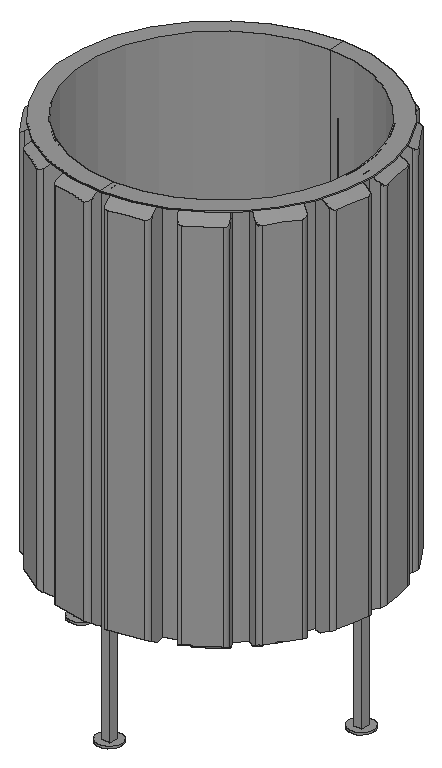
Revit family "Урна уличная «Гео» Арт 7280", category Антураж, Revit 2018
Family settings
  На основе рабочей плоскости = Нет
  Всегда вертикально = Да
  При загрузке вырезать с полостями = Нет
  Источник визуального образа = Геометрия семейства
  Общий = Нет
  Точка расчета площади = Нет
Parameters (values of type "Урна уличная «Гео»")
  Ширина = 380 mm  # constant formula
  Цвет урны = Сталь
  Цвет отделки = Дерево
  Описание = "Урна уличная «Гео»"  # constant formula
  Материал изделия = "Сталь, дерево"  # constant formula
  Изображение типоразмера = Урна уличная «Гео» Арт 7280.jpg
  Изготовитель = "ООО «Хоббика»"  # constant formula
  Длина = 380 mm  # constant formula
  Группа модели = "Уличные урны"  # constant formula
  Высота = 605 mm  # constant formula
  Артикул товара = "Арт. 7280"  # constant formula
  URL = "https://hobbyka.ru/product/urna_ulichnaia_geo/"
Reference planes
  plane 1 "По центру (Вперед/Назад)": y = 0
  plane 2: z = 0
  plane 3 "По центру (Влево/Вправо)": x = 0
  plane 4: x = 380
  plane 5: y = 380
  plane 6: z = 605
Forms (mm)
  Revolve 1, solid, material "Сталь" <- "Цвет урны"
    sketch origin (190, 0, 0) x (0, 1, 0) y (0, 0, 1)
      loop
        line (5, 604) -> (25, 604) -> (25, 125) -> (190, 125) -> (190, 126) -> (26, 126) -> (26, 605) -> (5, 605) -> (5, 604)
      axis (190, 605) -> (190, 125)
    angle from 0 to 360
  Extrusion 2, solid, material "Сталь" <- "Цвет урны"
    sketch origin (0, 0, 0) x (1, 0, 0) y (0, 1, 0)
      loop
        line (185, 365) -> (185, 355) -> (195, 355) -> (195, 365) -> (185, 365)
      loop
        line (185, 15) -> (195, 15) -> (195, 25) -> (185, 25) -> (185, 15)
      loop
        line (365, 195) -> (355, 195) -> (355, 185) -> (365, 185) -> (365, 195)
      loop
        line (15, 195) -> (15, 185) -> (25, 185) -> (25, 195) -> (15, 195)
    from 0 to 604
  Extrusion 3, solid, material "Сталь" <- "Цвет урны"
    sketch origin (0, 0, 0) x (1, 0, 0) y (0, 1, 0)
      loop
        circle (190, 360) r 15
      loop
        circle (190, 20) r 15
      loop
        circle (360, 190) r 15
      loop
        circle (20, 190) r 15
    from 0 to 2
  Extrusion 4, solid, material "Дерево" <- "Цвет отделки"
    sketch origin (-78.642, 195.619, 0) x (0.692166, -0.721738, 0) y (0.721738, 0.692166, 0)
      loop
        line (73.108, 309.106) -> (113.637, 338.387) -> (101.925, 354.599)
        arc (101.925, 354.599) -> (98.667, 356.607) -> (94.944, 355.724) r 5
        line (94.944, 355.724) -> (62.52, 332.299)
        arc (62.52, 332.299) -> (60.512, 329.041) -> (61.396, 325.318) r 5
        line (61.396, 325.318) -> (73.108, 309.106)
    from 125 to 600
  Extrusion 5, solid, material "Дерево" <- "Цвет отделки"
    sketch origin (-78.642, 195.619, 0) x (0.692166, -0.721738, 0) y (0.721738, 0.692166, 0)
      loop
        line (260.092, 341.45) -> (301.81, 313.889) -> (312.834, 330.577)
        arc (312.834, 330.577) -> (313.561, 334.334) -> (311.418, 337.505) r 5
        line (311.418, 337.505) -> (278.044, 359.553)
        arc (278.044, 359.553) -> (274.287, 360.28) -> (271.116, 358.138) r 5
        line (271.116, 358.138) -> (260.092, 341.45)
    from 125 to 600
  Extrusion 6, solid, material "Дерево" <- "Цвет отделки"
    sketch origin (-78.642, 195.619, 0) x (0.692166, -0.721738, 0) y (0.721738, 0.692166, 0)
      loop
        line (129.207, 345.416) -> (177.975, 356.449) -> (173.562, 375.956)
        arc (173.562, 375.956) -> (171.353, 379.082) -> (167.582, 379.73) r 5
        line (167.582, 379.73) -> (128.568, 370.904)
        arc (128.568, 370.904) -> (125.443, 368.695) -> (124.794, 364.923) r 5
        line (124.794, 364.923) -> (129.207, 345.416)
    from 125 to 600
  Extrusion 7, solid, material "Дерево" <- "Цвет отделки"
    sketch origin (-78.642, 195.619, 0) x (0.692166, -0.721738, 0) y (0.721738, 0.692166, 0)
      loop
        line (195.055, 356.807) -> (244.241, 347.822) -> (247.835, 367.497)
        arc (247.835, 367.497) -> (247.029, 371.238) -> (243.814, 373.314) r 5
        line (243.814, 373.314) -> (204.465, 380.501)
        arc (204.465, 380.501) -> (200.724, 379.696) -> (198.648, 376.481) r 5
        line (198.648, 376.481) -> (195.055, 356.807)
    from 125 to 600
  Extrusion 8, solid, material "Дерево" <- "Цвет отделки"
    sketch origin (371.889, -7.778, 0) x (0.041813, 0.999125, 0) y (-0.999125, 0.041813, 0)
      loop
        line (23.551, 177.975) -> (4.044, 173.562)
        arc (4.044, 173.562) -> (0.918, 171.353) -> (0.27, 167.582) r 5
        line (0.27, 167.582) -> (9.096, 128.568)
        arc (9.096, 128.568) -> (11.305, 125.443) -> (15.077, 124.794) r 5
        line (15.077, 124.794) -> (34.584, 129.207) -> (23.551, 177.975)
    from 125 to 600
  Extrusion 9, solid, material "Дерево" <- "Цвет отделки"
    sketch origin (439.309, 290.226, 0) x (-0.919828, 0.392323, 0) y (-0.392323, -0.919828, 0)
      loop
        line (23.551, 177.975) -> (4.044, 173.562)
        arc (4.044, 173.562) -> (0.918, 171.353) -> (0.27, 167.582) r 5
        line (0.27, 167.582) -> (9.096, 128.568)
        arc (9.096, 128.568) -> (11.305, 125.443) -> (15.077, 124.794) r 5
        line (15.077, 124.794) -> (34.584, 129.207) -> (23.551, 177.975)
    from 125 to 600
  Extrusion 10, solid, material "Дерево" <- "Цвет отделки"
    sketch origin (434.9, 79.437, 0) x (-0.353519, 0.935427, 0) y (-0.935427, -0.353519, 0)
      loop
        line (23.551, 177.975) -> (4.044, 173.562)
        arc (4.044, 173.562) -> (0.918, 171.353) -> (0.27, 167.582) r 5
        line (0.27, 167.582) -> (9.096, 128.568)
        arc (9.096, 128.568) -> (11.305, 125.443) -> (15.077, 124.794) r 5
        line (15.077, 124.794) -> (34.584, 129.207) -> (23.551, 177.975)
    from 125 to 600
  Extrusion 11, solid, material "Дерево" <- "Цвет отделки"
    sketch origin (458.642, 184.381, 0) x (-0.692166, 0.721738, 0) y (-0.721738, -0.692166, 0)
      loop
        line (23.551, 177.975) -> (4.044, 173.562)
        arc (4.044, 173.562) -> (0.918, 171.353) -> (0.27, 167.582) r 5
        line (0.27, 167.582) -> (9.096, 128.568)
        arc (9.096, 128.568) -> (11.305, 125.443) -> (15.077, 124.794) r 5
        line (15.077, 124.794) -> (34.584, 129.207) -> (23.551, 177.975)
    from 125 to 600
  Extrusion 12, solid, material "Дерево" <- "Цвет отделки"
    sketch origin (-78.642, 195.619, 0) x (0.692166, -0.721738, 0) y (0.721738, 0.692166, 0)
      loop
        line (306.892, 70.894) -> (266.363, 41.613) -> (278.075, 25.401)
        arc (278.075, 25.401) -> (281.333, 23.393) -> (285.056, 24.276) r 5
        line (285.056, 24.276) -> (317.48, 47.701)
        arc (317.48, 47.701) -> (319.488, 50.959) -> (318.604, 54.682) r 5
        line (318.604, 54.682) -> (306.892, 70.894)
    from 125 to 600
  Extrusion 13, solid, material "Дерево" <- "Цвет отделки"
    sketch origin (-78.642, 195.619, 0) x (0.692166, -0.721738, 0) y (0.721738, 0.692166, 0)
      loop
        line (119.908, 38.55) -> (78.19, 66.111) -> (67.166, 49.423)
        arc (67.166, 49.423) -> (66.439, 45.666) -> (68.582, 42.495) r 5
        line (68.582, 42.495) -> (101.956, 20.447)
        arc (101.956, 20.447) -> (105.713, 19.72) -> (108.884, 21.862) r 5
        line (108.884, 21.862) -> (119.908, 38.55)
    from 125 to 600
  Extrusion 14, solid, material "Дерево" <- "Цвет отделки"
    sketch origin (-78.642, 195.619, 0) x (0.692166, -0.721738, 0) y (0.721738, 0.692166, 0)
      loop
        line (250.793, 34.584) -> (202.025, 23.551) -> (206.438, 4.044)
        arc (206.438, 4.044) -> (208.647, 0.918) -> (212.418, 0.27) r 5
        line (212.418, 0.27) -> (251.432, 9.096)
        arc (251.432, 9.096) -> (254.557, 11.305) -> (255.206, 15.077) r 5
        line (255.206, 15.077) -> (250.793, 34.584)
    from 125 to 600
  Extrusion 15, solid, material "Дерево" <- "Цвет отделки"
    sketch origin (-78.642, 195.619, 0) x (0.692166, -0.721738, 0) y (0.721738, 0.692166, 0)
      loop
        line (184.945, 23.193) -> (135.759, 32.178) -> (132.165, 12.503)
        arc (132.165, 12.503) -> (132.971, 8.762) -> (136.186, 6.686) r 5
        line (136.186, 6.686) -> (175.535, -0.501)
        arc (175.535, -0.501) -> (179.276, 0.304) -> (181.352, 3.519) r 5
        line (181.352, 3.519) -> (184.945, 23.193)
    from 125 to 600
  Extrusion 16, solid, material "Дерево" <- "Цвет отделки"
    sketch origin (8.111, 387.778, 0) x (-0.041813, -0.999125, 0) y (0.999125, -0.041813, 0)
      loop
        line (23.551, 177.975) -> (4.044, 173.562)
        arc (4.044, 173.562) -> (0.918, 171.353) -> (0.27, 167.582) r 5
        line (0.27, 167.582) -> (9.096, 128.568)
        arc (9.096, 128.568) -> (11.305, 125.443) -> (15.077, 124.794) r 5
        line (15.077, 124.794) -> (34.584, 129.207) -> (23.551, 177.975)
    from 125 to 600
  Extrusion 17, solid, material "Дерево" <- "Цвет отделки"
    sketch origin (-59.309, 89.774, 0) x (0.919828, -0.392323, 0) y (0.392323, 0.919828, 0)
      loop
        line (23.551, 177.975) -> (4.044, 173.562)
        arc (4.044, 173.562) -> (0.918, 171.353) -> (0.27, 167.582) r 5
        line (0.27, 167.582) -> (9.096, 128.568)
        arc (9.096, 128.568) -> (11.305, 125.443) -> (15.077, 124.794) r 5
        line (15.077, 124.794) -> (34.584, 129.207) -> (23.551, 177.975)
    from 125 to 600
  Extrusion 18, solid, material "Дерево" <- "Цвет отделки"
    sketch origin (-54.9, 300.563, 0) x (0.353519, -0.935427, 0) y (0.935427, 0.353519, 0)
      loop
        line (23.551, 177.975) -> (4.044, 173.562)
        arc (4.044, 173.562) -> (0.918, 171.353) -> (0.27, 167.582) r 5
        line (0.27, 167.582) -> (9.096, 128.568)
        arc (9.096, 128.568) -> (11.305, 125.443) -> (15.077, 124.794) r 5
        line (15.077, 124.794) -> (34.584, 129.207) -> (23.551, 177.975)
    from 125 to 600
  Extrusion 19, solid, material "Дерево" <- "Цвет отделки"
    sketch origin (-78.642, 195.619, 0) x (0.692166, -0.721738, 0) y (0.721738, 0.692166, 0)
      loop
        line (23.551, 177.975) -> (4.044, 173.562)
        arc (4.044, 173.562) -> (0.918, 171.353) -> (0.27, 167.582) r 5
        line (0.27, 167.582) -> (9.096, 128.568)
        arc (9.096, 128.568) -> (11.305, 125.443) -> (15.077, 124.794) r 5
        line (15.077, 124.794) -> (34.584, 129.207) -> (23.551, 177.975)
    from 125 to 600
  Sweep 20, void
    path origin (0, 0, 0) x (1, 0, 0) y (0, 1, 0)
      loop
        circle (190, 190) r 190
    profile origin (190, 380, 0) x (0, -1, 0) y (0, 0, 1)
      loop
        line (-2, 600) -> (-2, 589.785) -> (15, 600) -> (-2, 600)
      loop
        line (-2, 125) -> (15, 125) -> (-2, 135.215) -> (-2, 125)
Cuts and joins
  joined: Extrusion 2, Extrusion 3
  Sweep 20 cuts Extrusion 4
  Sweep 20 cuts Extrusion 5
  Sweep 20 cuts Extrusion 6
  Sweep 20 cuts Extrusion 7
  Sweep 20 cuts Extrusion 8
  Sweep 20 cuts Extrusion 9
  Sweep 20 cuts Extrusion 10
  Sweep 20 cuts Extrusion 11
  Sweep 20 cuts Extrusion 12
  Sweep 20 cuts Extrusion 13
  Sweep 20 cuts Extrusion 14
  Sweep 20 cuts Extrusion 15
  Sweep 20 cuts Extrusion 16
  Sweep 20 cuts Extrusion 17
  Sweep 20 cuts Extrusion 18
  Sweep 20 cuts Extrusion 19
Dimensions and locks
  "Длина": plane 4 to plane 3 "По центру (Влево/Вправо)"
  "Ширина": plane 5 to plane 1 "По центру (Вперед/Назад)"
  "Высота": plane 6 to plane 2
  aligned and locked: level to plane 2
Automatic sketch dimensions
  Revolve 1 sketch curve to plane 6 = 0 mm
  Revolve 1 sketch curve to level = 0 mm
  Revolve 1 sketch curve to plane 1 "По центру (Вперед/Назад)" = 5 mm
  Revolve 1 sketch curve to plane 1 "По центру (Вперед/Назад)" = 25 mm
  Revolve 1 sketch curve to Revolve 1 sketch curve = 1 mm  (x2)
  Revolve 1 sketch curve to Revolve 1 sketch curve = 164 mm
  level to Revolve 1 sketch curve = 125 mm
  Revolve 1 sketch curve to plane 6 = 1 mm
  Revolve 1 sketch curve to Revolve 1 sketch curve = 0 mm
  plane 6 to Revolve 1 sketch curve = 100 mm
  plane 3 "По центру (Влево/Вправо)" to Extrusion 2 sketch curve = 15 mm
  Extrusion 2 sketch curve to Extrusion 2 sketch curve = 10 mm  (x8)
  Extrusion 2 sketch curve to plane 5 = 15 mm
  plane 3 "По центру (Влево/Вправо)" to Extrusion 2 sketch curve = 185 mm  (x2)
  Extrusion 2 sketch curve to plane 1 "По центру (Вперед/Назад)" = 15 mm
  Extrusion 2 sketch curve to plane 4 = 25 mm
  Extrusion 2 sketch curve to plane 1 "По центру (Вперед/Назад)" = 185 mm  (x2)
  plane 3 "По центру (Влево/Вправо)" to Extrusion 3 sketch curve = 20 mm
  Extrusion 3 sketch curve to plane 1 "По центру (Вперед/Назад)" = 20 mm
  plane 3 "По центру (Влево/Вправо)" to Extrusion 3 sketch curve = 190 mm  (x2)
  Extrusion 3 sketch curve to plane 5 = 20 mm
  Extrusion 3 sketch curve to plane 4 = 20 mm
  Extrusion 3 sketch curve to plane 1 "По центру (Вперед/Назад)" = 190 mm  (x2)
  Extrusion 4 sketch curve to Extrusion 4 sketch curve = 11.712 mm
  Extrusion 4 sketch curve to Extrusion 4 sketch curve = 4.053 mm  (x2)
  Extrusion 4 sketch curve to Extrusion 4 sketch curve = 2.928 mm  (x4)
  Extrusion 4 sketch curve to Extrusion 4 sketch curve = 32.423 mm
  Extrusion 4 sketch curve to Extrusion 4 sketch curve = 15.765 mm
  Extrusion 4 sketch curve to Extrusion 4 sketch curve = 29.281 mm
  Extrusion 5 sketch curve to Extrusion 5 sketch curve = 11.024 mm
  Extrusion 5 sketch curve to Extrusion 5 sketch curve = 4.172 mm  (x2)
  Extrusion 5 sketch curve to Extrusion 5 sketch curve = 2.756 mm  (x4)
  Extrusion 5 sketch curve to Extrusion 5 sketch curve = 33.375 mm
  Extrusion 5 sketch curve to Extrusion 5 sketch curve = 6.852 mm
  Extrusion 5 sketch curve to Extrusion 5 sketch curve = 27.561 mm
  Extrusion 6 sketch curve to Extrusion 6 sketch curve = 4.413 mm
  Extrusion 6 sketch curve to Extrusion 6 sketch curve = 4.877 mm  (x2)
  Extrusion 6 sketch curve to Extrusion 6 sketch curve = 1.103 mm  (x4)
  Extrusion 6 sketch curve to Extrusion 6 sketch curve = 39.014 mm
  Extrusion 6 sketch curve to Extrusion 6 sketch curve = 9.29 mm
  Extrusion 6 sketch curve to Extrusion 6 sketch curve = 11.033 mm
  Extrusion 7 sketch curve to Extrusion 7 sketch curve = 3.594 mm
  Extrusion 7 sketch curve to Extrusion 7 sketch curve = 4.919 mm  (x2)
  Extrusion 7 sketch curve to Extrusion 7 sketch curve = 0.898 mm  (x4)
  Extrusion 7 sketch curve to Extrusion 7 sketch curve = 39.349 mm
  Extrusion 7 sketch curve to Extrusion 7 sketch curve = 1.325 mm
  Extrusion 7 sketch curve to Extrusion 7 sketch curve = 8.984 mm
  Extrusion 8 sketch curve to Extrusion 8 sketch curve = 19.507 mm
  Extrusion 8 sketch curve to Extrusion 8 sketch curve = 1.103 mm  (x2)
  Extrusion 8 sketch curve to Extrusion 8 sketch curve = 4.877 mm  (x4)
  Extrusion 8 sketch curve to Extrusion 8 sketch curve = 8.826 mm
  Extrusion 8 sketch curve to Extrusion 8 sketch curve = 20.61 mm
  Extrusion 8 sketch curve to Extrusion 8 sketch curve = 48.768 mm
  Extrusion 9 sketch curve to Extrusion 9 sketch curve = 19.507 mm
  Extrusion 9 sketch curve to Extrusion 9 sketch curve = 1.103 mm  (x2)
  Extrusion 9 sketch curve to Extrusion 9 sketch curve = 4.877 mm  (x4)
  Extrusion 9 sketch curve to Extrusion 9 sketch curve = 8.826 mm
  Extrusion 9 sketch curve to Extrusion 9 sketch curve = 20.61 mm
  Extrusion 9 sketch curve to Extrusion 9 sketch curve = 48.768 mm
  Extrusion 10 sketch curve to Extrusion 10 sketch curve = 19.507 mm
  Extrusion 10 sketch curve to Extrusion 10 sketch curve = 1.103 mm  (x2)
  Extrusion 10 sketch curve to Extrusion 10 sketch curve = 4.877 mm  (x4)
  Extrusion 10 sketch curve to Extrusion 10 sketch curve = 8.826 mm
  Extrusion 10 sketch curve to Extrusion 10 sketch curve = 20.61 mm
  Extrusion 10 sketch curve to Extrusion 10 sketch curve = 48.768 mm
  Extrusion 11 sketch curve to Extrusion 11 sketch curve = 19.507 mm
  Extrusion 11 sketch curve to Extrusion 11 sketch curve = 1.103 mm  (x2)
  Extrusion 11 sketch curve to Extrusion 11 sketch curve = 4.877 mm  (x4)
  Extrusion 11 sketch curve to Extrusion 11 sketch curve = 8.826 mm
  Extrusion 11 sketch curve to Extrusion 11 sketch curve = 20.61 mm
  Extrusion 11 sketch curve to Extrusion 11 sketch curve = 48.768 mm
  Extrusion 12 sketch curve to Extrusion 12 sketch curve = 11.712 mm
  Extrusion 12 sketch curve to Extrusion 12 sketch curve = 4.053 mm  (x2)
  Extrusion 12 sketch curve to Extrusion 12 sketch curve = 2.928 mm  (x4)
  Extrusion 12 sketch curve to Extrusion 12 sketch curve = 32.423 mm
  Extrusion 12 sketch curve to Extrusion 12 sketch curve = 15.765 mm
  Extrusion 12 sketch curve to Extrusion 12 sketch curve = 29.281 mm
  Extrusion 13 sketch curve to Extrusion 13 sketch curve = 11.024 mm
  Extrusion 13 sketch curve to Extrusion 13 sketch curve = 4.172 mm  (x2)
  Extrusion 13 sketch curve to Extrusion 13 sketch curve = 2.756 mm  (x4)
  Extrusion 13 sketch curve to Extrusion 13 sketch curve = 33.375 mm
  Extrusion 13 sketch curve to Extrusion 13 sketch curve = 6.852 mm
  Extrusion 13 sketch curve to Extrusion 13 sketch curve = 27.561 mm
  Extrusion 14 sketch curve to Extrusion 14 sketch curve = 4.413 mm
  Extrusion 14 sketch curve to Extrusion 14 sketch curve = 4.877 mm  (x2)
  Extrusion 14 sketch curve to Extrusion 14 sketch curve = 1.103 mm  (x4)
  Extrusion 14 sketch curve to Extrusion 14 sketch curve = 39.014 mm
  Extrusion 14 sketch curve to Extrusion 14 sketch curve = 9.29 mm
  Extrusion 14 sketch curve to Extrusion 14 sketch curve = 11.033 mm
  Extrusion 15 sketch curve to Extrusion 15 sketch curve = 3.594 mm
  Extrusion 15 sketch curve to Extrusion 15 sketch curve = 4.919 mm  (x2)
  Extrusion 15 sketch curve to Extrusion 15 sketch curve = 0.898 mm  (x4)
  Extrusion 15 sketch curve to Extrusion 15 sketch curve = 39.349 mm
  Extrusion 15 sketch curve to Extrusion 15 sketch curve = 1.325 mm
  Extrusion 15 sketch curve to Extrusion 15 sketch curve = 8.984 mm
  Extrusion 16 sketch curve to Extrusion 16 sketch curve = 19.507 mm
  Extrusion 16 sketch curve to Extrusion 16 sketch curve = 1.103 mm  (x2)
  Extrusion 16 sketch curve to Extrusion 16 sketch curve = 4.877 mm  (x4)
  Extrusion 16 sketch curve to Extrusion 16 sketch curve = 8.826 mm
  Extrusion 16 sketch curve to Extrusion 16 sketch curve = 20.61 mm
  Extrusion 16 sketch curve to Extrusion 16 sketch curve = 48.768 mm
  Extrusion 17 sketch curve to Extrusion 17 sketch curve = 19.507 mm
  Extrusion 17 sketch curve to Extrusion 17 sketch curve = 1.103 mm  (x2)
  Extrusion 17 sketch curve to Extrusion 17 sketch curve = 4.877 mm  (x4)
  Extrusion 17 sketch curve to Extrusion 17 sketch curve = 8.826 mm
  Extrusion 17 sketch curve to Extrusion 17 sketch curve = 20.61 mm
  Extrusion 17 sketch curve to Extrusion 17 sketch curve = 48.768 mm
  Extrusion 18 sketch curve to Extrusion 18 sketch curve = 19.507 mm
  Extrusion 18 sketch curve to Extrusion 18 sketch curve = 1.103 mm  (x2)
  Extrusion 18 sketch curve to Extrusion 18 sketch curve = 4.877 mm  (x4)
  Extrusion 18 sketch curve to Extrusion 18 sketch curve = 8.826 mm
  Extrusion 18 sketch curve to Extrusion 18 sketch curve = 20.61 mm
  Extrusion 18 sketch curve to Extrusion 18 sketch curve = 48.768 mm
  Extrusion 19 sketch curve to Extrusion 19 sketch curve = 19.507 mm
  Extrusion 19 sketch curve to Extrusion 19 sketch curve = 1.103 mm  (x2)
  Extrusion 19 sketch curve to Extrusion 19 sketch curve = 4.877 mm  (x4)
  Extrusion 19 sketch curve to Extrusion 19 sketch curve = 8.826 mm
  Extrusion 19 sketch curve to Extrusion 19 sketch curve = 20.61 mm
  Extrusion 19 sketch curve to Extrusion 19 sketch curve = 48.768 mm
  plane 3 "По центру (Влево/Вправо)" to Sweep 20 sketch curve = 190 mm
  Sweep 20 sketch curve to plane 1 "По центру (Вперед/Назад)" = 190 mm
  profile plane to Sweep 20 sketch curve = 2 mm  (x2)
  Sweep 20 sketch curve to profile plane = 15 mm  (x2)
  level to Sweep 20 sketch curve = 125 mm
  Sweep 20 sketch curve to Sweep 20 sketch curve = 10.215 mm  (x2)
  Sweep 20 sketch curve to Sweep 20 sketch curve = 454.571 mm
  radius of Extrusion 3 sketch curve = 15 mm  (x4)
  radius of Sweep 20 sketch curve = 190 mm
